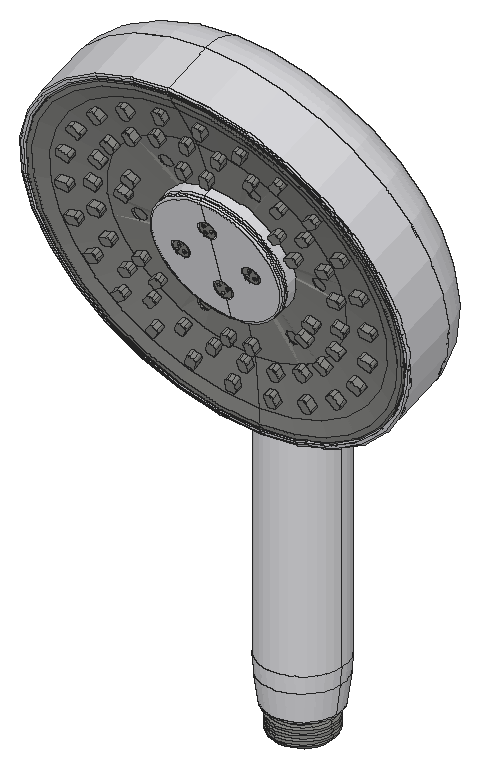
Revit family "Shower-Handshower-KOHLER-Statement_Round-K-R28694T_1", category Plumbing Fixtures, host Face, Revit 2021 (continued)
Definition of nested family "K-R28694T"
  Lines and regions (in)
    symbolic lines, detail levels medium+fine
      curve 634: spline (0.58565, 0, 7.47356) -> (0.60935, 0, 7.47059) -> (0.63143, 0, 7.4619) -> (0.6504, 0, 7.44806) -> (0.66495, 0, 7.43002) -> (0.6741, 0, 7.40902) -> (0.67722, 0, 7.38649) -> (0.6741, 0, 7.36395) -> (0.66495, 0, 7.34295) -> (0.6504, 0, 7.32492) -> (0.63143, 0, 7.31108) -> (0.60935, 0, 7.30238) -> (0.58565, 0, 7.29942)
      curve 635: spline (0.58565, 0, 7.29942) -> (0.56194, 0, 7.30238) -> (0.53986, 0, 7.31108) -> (0.52089, 0, 7.32492) -> (0.50634, 0, 7.34295) -> (0.49719, 0, 7.36395) -> (0.49407, 0, 7.38649) -> (0.49719, 0, 7.40902) -> (0.50634, 0, 7.43002) -> (0.52089, 0, 7.44806) -> (0.53986, 0, 7.4619) -> (0.56194, 0, 7.47059) -> (0.58565, 0, 7.47356)
      curve 636: line (1.70556, 0, 6.42266) -> (1.70556, 0, 6.38023)
      curve 637: line (1.53461, 0, 6.42266) -> (1.53461, 0, 6.38023)
      curve 638: arc (1.50967, 0, 5.24996) -> (1.5028, 0, 5.2243) -> (1.5168, 0, 5.20173) r 0.03344
      curve 639: arc (1.65384, 0, 5.14666) -> (1.62985, 0, 5.13303) -> (1.60312, 0, 5.13988) r 0.03684
      curve 640: arc (0.28497, 0, 8.30476) -> (0.44298, 0, 8.44141) -> (0.63748, 0, 8.51765) r 0.6184
      curve 641: arc (0.82149, 0, 8.16582) -> (0.79746, 0, 8.35689) -> (0.67682, 0, 8.50697) r 0.35333
      curve 642: arc (0.82149, 0, 8.16582) -> (1.02795, 0, 8.25217) -> (1.25145, 0, 8.26357) r 0.65165
      curve 643: arc (1.25145, 0, 8.26357) -> (1.30826, 0, 8.09026) -> (1.28872, 0, 7.90893) r 0.4333
      curve 644: arc (1.66949, 0, 7.54128) -> (1.69344, 0, 7.74542) -> (1.67435, 0, 7.95008) r 0.98144
      curve 645: arc (1.6477, 0, 7.97452) -> (1.46426, 0, 7.96334) -> (1.28872, 0, 7.90893) r 0.76834
      curve 646: arc (1.66949, 0, 7.54128) -> (1.882, 0, 7.54819) -> (2.07466, 0, 7.45827) r 0.4574
      curve 647: arc (1.93941, 0, 7.09286) -> (2.03777, 0, 7.25445) -> (2.08734, 0, 7.43702) r 0.67378
      curve 648: arc (2.08075, 0, 6.59316) -> (2.22695, 0, 6.7311) -> (2.30656, 0, 6.91566) r 0.49705
      curve 649: arc (1.93941, 0, 7.09286) -> (2.14239, 0, 7.04446) -> (2.30656, 0, 6.91566) r 0.48769
      curve 650: arc (2.39275, 0, 6.32484) -> (2.26046, 0, 6.48657) -> (2.08075, 0, 6.59316) r 0.60027
      curve 651: arc (2.08198, 0, 6.08223) -> (2.26948, 0, 6.16239) -> (2.39275, 0, 6.32484) r 0.39833
      curve 652: arc (2.08198, 0, 6.08223) -> (2.23792, 0, 5.92264) -> (2.29815, 0, 5.7078) r 0.45044
      curve 653: arc (1.94169, 0, 5.57758) -> (2.13054, 0, 5.61361) -> (2.29815, 0, 5.7078) r 0.59691
      curve 654: arc (1.66978, 0, 5.16677) -> (1.91009, 0, 5.1508) -> (2.1218, 0, 5.26563) r 0.43324
      curve 655: arc (1.94169, 0, 5.57758) -> (2.06316, 0, 5.43975) -> (2.1218, 0, 5.26563) r 0.46516
      curve 656: arc (1.66978, 0, 5.16677) -> (1.7592, 0, 4.99361) -> (1.77349, 0, 4.79925) r 0.48658
      curve 657: arc (1.28539, 0, 4.79925) -> (1.52944, 0, 4.73079) -> (1.77349, 0, 4.79925) r 0.46925
      curve 658: arc (1.28539, 0, 4.79925) -> (1.30981, 0, 4.6024) -> (1.28539, 0, 4.40555) r 0.80582
      curve 659: arc (0.81406, 0, 4.53884) -> (1.03185, 0, 4.40898) -> (1.28539, 0, 4.40555) r 0.48937
      curve 660: arc (0.81406, 0, 4.53884) -> (0.74922, 0, 4.32055) -> (0.62603, 0, 4.12904) r 0.80759
      curve 661: arc (0.2879, 0, 4.4033) -> (0.42685, 0, 4.23819) -> (0.61066, 0, 4.12513) r 0.67774
      curve 662: arc (1.90179, 0, 6.56946) -> (1.82405, 0, 6.46165) -> (1.70556, 0, 6.40145) r 0.28192
      curve 663: arc (1.90179, 0, 6.56946) -> (1.80078, 0, 6.72541) -> (1.64483, 0, 6.82642) r 0.44436
      curve 664: arc (1.64483, 0, 6.82642) -> (1.74176, 0, 6.90467) -> (1.77381, 0, 7.02504) r 0.20062
      curve 665: arc (1.46863, 0, 7.22738) -> (1.63735, 0, 7.15054) -> (1.77381, 0, 7.02504) r 0.58871
      curve 666: arc (1.46863, 0, 7.22738) -> (1.52829, 0, 7.32288) -> (1.52605, 0, 7.43546) r 0.19748
      curve 667: arc (1.52605, 0, 7.43546) -> (1.37646, 0, 7.51053) -> (1.21386, 0, 7.55019) r 0.74263
      curve 668: arc (1.21386, 0, 7.55019) -> (1.22655, 0, 7.66663) -> (1.1748, 0, 7.77171) r 0.2097
      curve 669: arc (1.1748, 0, 7.77171) -> (1.01219, 0, 7.81821) -> (0.84308, 0, 7.82065) r 0.64219
      curve 670: arc (0.74592, 0, 8.00715) -> (0.80746, 0, 7.92065) -> (0.84308, 0, 7.82065) r 0.38541
      curve 671: arc (0.43896, 0, 7.96887) -> (0.58951, 0, 8.01152) -> (0.74592, 0, 8.00715) r 0.51675
      curve 672: arc (0.43896, 0, 7.96887) -> (0.36251, 0, 8.06401) -> (0.26227, 0, 8.13365) r 0.42721
      curve 673: arc (0.00023, 0, 8.02683) -> (0.11918, 0, 8.10983) -> (0.26227, 0, 8.13365) r 0.32913
      curve 674: arc (1.90182, 0, 6.10531) -> (1.84221, 0, 6.2789) -> (1.70556, 0, 6.40145) r 0.36454
      curve 675: arc (1.89826, 0, 6.07778) -> (1.78438, 0, 5.99591) -> (1.64461, 0, 5.9843) r 0.26275
      curve 676: arc (1.64461, 0, 5.9843) -> (1.74846, 0, 5.83019) -> (1.7744, 0, 5.64618) r 0.41377
      curve 677: arc (1.7744, 0, 5.64618) -> (1.6315, 0, 5.58873) -> (1.47757, 0, 5.59395) r 0.37282
      curve 678: arc (1.47757, 0, 5.59395) -> (1.52854, 0, 5.43598) -> (1.52557, 0, 5.27001) r 0.50527
      curve 679: arc (1.52557, 0, 5.27001) -> (1.36875, 0, 5.23278) -> (1.20963, 0, 5.2585) r 0.41239
      curve 680: arc (1.1742, 0, 4.93446) -> (1.22849, 0, 5.09248) -> (1.20963, 0, 5.2585) r 0.37941
      curve 681: arc (1.1742, 0, 4.93446) -> (0.99933, 0, 4.9364) -> (0.83988, 0, 5.00821) r 0.42738
      curve 682: arc (0.74346, 0, 4.69681) -> (0.83177, 0, 4.8401) -> (0.83988, 0, 5.00821) r 0.33745
      curve 683: arc (0.74346, 0, 4.69681) -> (0.55384, 0, 4.71811) -> (0.43925, 0, 4.87069) r 0.24079
      curve 684: arc (0.26272, 0, 4.57326) -> (0.41145, 0, 4.68609) -> (0.43925, 0, 4.87069) r 0.24783
      curve 685: arc (0.26272, 0, 4.57326) -> (0.10404, 0, 4.64925) -> (0.0112, 0, 4.79869) r 0.3138
      curve 686: arc (1.53461, 0, 6.40145) -> (1.37546, 0, 6.53032) -> (1.1722, 0, 6.55528) r 0.37145
      curve 687: arc (1.53461, 0, 6.40145) -> (1.37783, 0, 6.26961) -> (1.17494, 0, 6.24131) r 0.37022
      curve 688: arc (1.1722, 0, 6.55528) -> (1.03235, 0, 6.49877) -> (0.93142, 0, 6.38668) r 0.33529
      curve 689: arc (1.17494, 0, 6.24131) -> (1.03858, 0, 6.28954) -> (0.93142, 0, 6.38668) r 0.36727
      curve 690: arc (1.48239, 0, 6.77481) -> (1.37641, 0, 6.64381) -> (1.23032, 0, 6.55985) r 0.4593
      curve 691: arc (1.1722, 0, 6.55528) -> (1.02286, 0, 6.55397) -> (0.87966, 0, 6.59639) r 0.50516
      curve 692: arc (1.48239, 0, 6.77481) -> (1.32798, 0, 6.84535) -> (1.1595, 0, 6.82445) r 0.3115
      curve 693: arc (1.00641, 0, 6.76895) -> (0.92939, 0, 6.69269) -> (0.87966, 0, 6.59639) r 0.34706
      curve 694: arc (1.32059, 0, 7.14611) -> (1.28455, 0, 6.96348) -> (1.15874, 0, 6.82628) r 0.34439
      curve 695: arc (1.32059, 0, 7.14611) -> (1.15848, 0, 7.15509) -> (1.0037, 0, 7.1061) r 0.45102
      curve 696: arc (1.00579, 0, 6.77045) -> (0.90079, 0, 6.74809) -> (0.79844, 0, 6.78047) r 0.21032
      curve 697: arc (0.87337, 0, 7.00869) -> (0.8116, 0, 6.90256) -> (0.79844, 0, 6.78047) r 0.29468
      curve 698: arc (0.99873, 0, 7.11256) -> (1.06194, 0, 7.26347) -> (1.10876, 0, 7.42025) r 1.5374
      curve 699: arc (1.10876, 0, 7.42025) -> (0.92236, 0, 7.38943) -> (0.75038, 0, 7.31119) r 0.7201
      curve 700: arc (0.86416, 0, 7.02065) -> (0.74318, 0, 6.99274) -> (0.61946, 0, 6.98237) r 0.86875
      curve 701: arc (0.47342, 0, 7.48691) -> (0.41852, 0, 7.3077) -> (0.43457, 0, 7.12096) r 0.49237
      curve 702: arc (0.75038, 0, 7.31119) -> (0.79218, 0, 7.49752) -> (0.75038, 0, 7.68384) r 0.43621
      curve 703: arc (0.75038, 0, 7.68384) -> (0.58864, 0, 7.61809) -> (0.47342, 0, 7.48691) r 0.37975
      curve 704: arc (0.46093, 0, 7.46172) -> (0.46096, 0, 7.64306) -> (0.39472, 0, 7.81187) r 0.48759
      curve 705: arc (0.42264, 0, 7.33773) -> (0.3333, 0, 7.25005) -> (0.22035, 0, 7.19608) r 0.38079
      curve 706: arc (0.22035, 0, 7.19608) -> (0.14457, 0, 7.2938) -> (0.14159, 0, 7.41742) r 0.19789
      curve 707: arc (0.16938, 0, 7.57784) -> (0.258, 0, 7.71801) -> (0.39472, 0, 7.81187) r 0.41191
      curve 708: arc (0.13959, 0, 7.41768) -> (0.07828, 0, 7.31562) -> (0, 0, 7.2259) r 0.67574
      curve 709: arc (1.48526, 0, 6.04686) -> (1.38541, 0, 6.18167) -> (1.22725, 0, 6.2376) r 0.28691
      curve 710: arc (1.48526, 0, 6.04686) -> (1.33305, 0, 5.96181) -> (1.15892, 0, 5.97069) r 0.3152
      curve 711: arc (1.22725, 0, 6.2376) -> (1.06579, 0, 6.22557) -> (0.91159, 0, 6.17624) r 0.68994
      curve 712: arc (1.00514, 0, 6.02453) -> (0.93547, 0, 6.08627) -> (0.91159, 0, 6.17624) r 0.16109
      curve 713: arc (1.32952, 0, 5.67522) -> (1.2631, 0, 5.83106) -> (1.1552, 0, 5.96165) r 0.59105
      curve 714: arc (1.32952, 0, 5.67522) -> (1.16457, 0, 5.64786) -> (1.00246, 0, 5.68883) r 0.40884
      curve 715: arc (1.08875, 0, 5.37343) -> (1.06957, 0, 5.53532) -> (0.99645, 0, 5.68104) r 0.47204
      curve 716: arc (1.08875, 0, 5.37343) -> (0.8923, 0, 5.41793) -> (0.73194, 0, 5.53982) r 0.47516
      curve 717: arc (0.85783, 0, 5.76768) -> (0.77948, 0, 5.77462) -> (0.70193, 0, 5.76151) r 0.30835
      curve 718: arc (0.73194, 0, 5.53982) -> (0.68429, 0, 5.64624) -> (0.70193, 0, 5.76151) r 0.2064
      curve 719: arc (0.74929, 0, 5.14605) -> (0.81069, 0, 5.33333) -> (0.74929, 0, 5.5206) r 0.31629
      curve 720: arc (0.74929, 0, 5.14605) -> (0.55963, 0, 5.20512) -> (0.39248, 0, 5.31244) r 0.74111
      curve 721: arc (0.69755, 0, 5.59638) -> (0.56719, 0, 5.61661) -> (0.43956, 0, 5.58322) r 0.32411
      curve 722: arc (0.39248, 0, 5.31244) -> (0.3974, 0, 5.45106) -> (0.43956, 0, 5.58322) r 0.50917
      curve 723: arc (0.38927, 0, 5.02613) -> (0.41688, 0, 5.17113) -> (0.38927, 0, 5.31613) r 0.39455
      curve 724: arc (0.38927, 0, 5.31613) -> (0.2953, 0, 5.43246) -> (0.15178, 0, 5.47449) r 0.25044
      curve 725: arc (-1.00129, 0, 6.01517) -> (-0.915, 0, 5.9967) -> (-0.83193, 0, 5.96691) r 0.66138
      curve 726: arc (-0.87162, 0, 5.78559) -> (-0.84545, 0, 5.87486) -> (-0.83193, 0, 5.96691) r 0.66774
      curve 727: arc (0.86726, 0, 5.77993) -> (0.82805, 0, 5.85927) -> (0.81371, 0, 5.94661) r 0.29997
      curve 728: arc (1.001, 0, 6.01448) -> (0.90445, 0, 5.98855) -> (0.81371, 0, 5.94661) r 0.58673
      curve 729: arc (-0.38927, 0, 5.02613) -> (-0.29021, 0, 5.03446) -> (-0.19988, 0, 5.07598) r 0.28801
      curve 730: arc (-0.12165, 0, 5.22876) -> (-0.09326, 0, 5.34827) -> (-0.10923, 0, 5.47005) r 0.3397
      curve 731: arc (-0.00524, 0, 4.96113) -> (-0.08305, 0, 5.00801) -> (-0.15066, 0, 5.06868) r 0.48121
      curve 732: arc (-0.00524, 0, 4.96113) -> (0.0719, 0, 5.00672) -> (0.13717, 0, 5.06811) r 0.4065
      curve 733: arc (0.38927, 0, 5.02613) -> (0.29052, 0, 5.04287) -> (0.19557, 0, 5.07474) r 0.64332
      curve 734: arc (0.14189, 0, 5.23153) -> (0.1218, 0, 5.35403) -> (0.15178, 0, 5.47449) r 0.30748
      curve 735: arc (-0.09427, 0, 5.33422) -> (-0.06116, 0, 5.41342) -> (0.00248, 0, 5.47103) r 0.19714
      curve 736: arc (0.12198, 0, 5.32515) -> (0.08829, 0, 5.41944) -> (0.00248, 0, 5.47103) r 0.14879
      curve 737: arc (-0.2879, 0, 4.4033) -> (-0.18122, 0, 4.19619) -> (0, 0, 4.0498) r 0.56456
      curve 738: arc (0, 0, 4.0498) -> (0.19238, 0, 4.18711) -> (0.2879, 0, 4.4033) r 0.44724
      curve 739: arc (-0.28497, 0, 8.30476) -> (-0.16764, 0, 8.48287) -> (0.01047, 0, 8.6002) r 0.52923
      curve 740: arc (0.28497, 0, 8.30476) -> (0.17465, 0, 8.4775) -> (0.01047, 0, 8.6002) r 0.57142
      curve 741: spline (0.7858, 0.27478, 0) -> (0.74749, 0.21512, 0) -> (0.66274, 0.16025, 0) -> (0.53682, 0.11357, 0) -> (0.37755, 0.07799, 0) -> (0.19483, 0.05572, 0) -> (0, 0.04814, 0) -> (-0.19483, 0.05572, 0) -> (-0.37755, 0.07799, 0) -> (-0.53682, 0.11357, 0) -> (-0.66274, 0.16025, 0) -> (-0.74749, 0.21512, 0) -> (-0.7858, 0.27478, 0)
      curve 742: spline (0.7858, 0.50387, 0) -> (0.74086, 0.44379, 0) -> (0.64873, 0.38912, 0) -> (0.51531, 0.34335, 0) -> (0.34911, 0.3094, 0) -> (0.16074, 0.28944, 0) -> (-0.03777, 0.28474, 0) -> (-0.23373, 0.29562, 0) -> (-0.41464, 0.32136, 0) -> (-0.56895, 0.36033, 0) -> (-0.68679, 0.41004, 0) -> (-0.76065, 0.46731, 0) -> (-0.7858, 0.52849, 0)
      curve 743: spline (-0.56553, 0.41755, 0) -> (-0.49925, 0.389, 0) -> (-0.41819, 0.36438, 0) -> (-0.32472, 0.34441, 0) -> (-0.2216, 0.3297, 0) -> (-0.11188, 0.32066, 0) -> (0.00121, 0.31758, 0) -> (0.11434, 0.32053, 0) -> (0.22417, 0.32943, 0) -> (0.32746, 0.34403, 0) -> (0.42118, 0.36388, 0) -> (0.50255, 0.3884, 0) -> (0.56918, 0.41688, 0)
      curve 744: spline (0.69685, 0.49678, 0) -> (0.65424, 0.44419, 0) -> (0.57049, 0.39654, 0) -> (0.4509, 0.35683, 0) -> (0.30301, 0.32757, 0) -> (0.13616, 0.31061, 0) -> (-0.03913, 0.30701, 0) -> (-0.2118, 0.31701, 0) -> (-0.37094, 0.33997, 0) -> (-0.50652, 0.37444, 0) -> (-0.60998, 0.41825, 0) -> (-0.67479, 0.46863, 0) -> (-0.69685, 0.52241, 0)
      curve 745: line (-0.26914, 0.47227, 0) -> (-0.56553, 0.41755, 0)
      curve 746: spline (0.27279, 0.4716, 0) -> (0.24081, 0.45805, 0) -> (0.20184, 0.44638, 0) -> (0.15702, 0.43696, 0) -> (0.10766, 0.43004, 0) -> (0.05521, 0.42583, 0) -> (0.00121, 0.42446, 0) -> (-0.05275, 0.42597, 0) -> (-0.10509, 0.4303, 0) -> (-0.15427, 0.43734, 0) -> (-0.19885, 0.44688, 0) -> (-0.23752, 0.45864, 0) -> (-0.26914, 0.47227, 0)
      curve 747: line (0.27279, 0.4716, 0) -> (0.56918, 0.41688, 0)
      curve 748: line (-0.09038, 0, 7.46206) -> (-0.10321, 0, 7.54888)
      curve 749: spline (-0.10321, 0, 7.54888) -> (-0.10426, 0, 7.55368) -> (-0.10596, 0, 7.5583) -> (-0.10828, 0, 7.56267) -> (-0.11117, 0, 7.56672) -> (-0.1146, 0, 7.57037) -> (-0.11851, 0, 7.57357) -> (-0.12281, 0, 7.57625) -> (-0.12745, 0, 7.57838) -> (-0.13234, 0, 7.57991) -> (-0.1374, 0, 7.58083) -> (-0.14254, 0, 7.5811) -> (-0.14768, 0, 7.58074)
      curve 750: line (-0.14768, 0, 7.58074) -> (-0.19187, 0, 7.57484)
      curve 751: spline (-0.19187, 0, 7.57484) -> (-0.19691, 0, 7.57384) -> (-0.20177, 0, 7.57222) -> (-0.20637, 0, 7.57002) -> (-0.21063, 0, 7.56727) -> (-0.21447, 0, 7.564) -> (-0.21783, 0, 7.5603) -> (-0.22066, 0, 7.5562) -> (-0.22289, 0, 7.55179) -> (-0.22451, 0, 7.54714) -> (-0.22547, 0, 7.54233) -> (-0.22576, 0, 7.53744) -> (-0.22538, 0, 7.53256)
      curve 752: line (-0.22538, 0, 7.53256) -> (-0.21254, 0, 7.44574)
      curve 753: spline (-0.21254, 0, 7.44574) -> (-0.21149, 0, 7.44094) -> (-0.2098, 0, 7.43632) -> (-0.20748, 0, 7.43195) -> (-0.20458, 0, 7.4279) -> (-0.20115, 0, 7.42425) -> (-0.19725, 0, 7.42105) -> (-0.19294, 0, 7.41837) -> (-0.1883, 0, 7.41624) -> (-0.18341, 0, 7.41471) -> (-0.17835, 0, 7.41379) -> (-0.17321, 0, 7.41352) -> (-0.16808, 0, 7.41388)
      curve 754: line (-0.16808, 0, 7.41388) -> (-0.12389, 0, 7.41978)
      curve 755: spline (-0.12389, 0, 7.41978) -> (-0.11884, 0, 7.42078) -> (-0.11398, 0, 7.42239) -> (-0.10938, 0, 7.4246) -> (-0.10513, 0, 7.42735) -> (-0.10129, 0, 7.43062) -> (-0.09792, 0, 7.43432) -> (-0.0951, 0, 7.43842) -> (-0.09286, 0, 7.44283) -> (-0.09125, 0, 7.44748) -> (-0.09029, 0, 7.45229) -> (-0.09, 0, 7.45718) -> (-0.09038, 0, 7.46206)
      curve 756: arc (-0.61946, 0, 6.98237) -> (-0.65951, 0, 7.15696) -> (-0.75112, 0, 7.31089) r 0.5778
      curve 757: arc (-0.43457, 0, 7.12096) -> (-0.6149, 0, 7.17884) -> (-0.75038, 0, 7.31119) r 0.41262
      curve 758: arc (0.61946, 0, 6.98237) -> (0.65989, 0, 7.1579) -> (0.75241, 0, 7.31245) r 0.5778
      curve 759: arc (0.43457, 0, 7.12096) -> (0.6149, 0, 7.17884) -> (0.75038, 0, 7.31119) r 0.41262
      curve 760: line (0.09038, 0, 7.46206) -> (0.10321, 0, 7.54888)
      curve 761: spline (0.10321, 0, 7.54888) -> (0.10426, 0, 7.55368) -> (0.10596, 0, 7.5583) -> (0.10828, 0, 7.56267) -> (0.11117, 0, 7.56672) -> (0.1146, 0, 7.57037) -> (0.11851, 0, 7.57357) -> (0.12281, 0, 7.57625) -> (0.12745, 0, 7.57838) -> (0.13234, 0, 7.57991) -> (0.1374, 0, 7.58083) -> (0.14254, 0, 7.5811) -> (0.14768, 0, 7.58074)
      curve 762: line (0.14768, 0, 7.58074) -> (0.19187, 0, 7.57484)
      curve 763: spline (0.19187, 0, 7.57484) -> (0.19691, 0, 7.57384) -> (0.20177, 0, 7.57222) -> (0.20637, 0, 7.57002) -> (0.21063, 0, 7.56727) -> (0.21447, 0, 7.564) -> (0.21783, 0, 7.5603) -> (0.22066, 0, 7.5562) -> (0.22289, 0, 7.55179) -> (0.22451, 0, 7.54714) -> (0.22547, 0, 7.54233) -> (0.22576, 0, 7.53744) -> (0.22538, 0, 7.53256)
      curve 764: line (0.22538, 0, 7.53256) -> (0.21254, 0, 7.44574)
      curve 765: spline (0.21254, 0, 7.44574) -> (0.21149, 0, 7.44094) -> (0.2098, 0, 7.43632) -> (0.20748, 0, 7.43195) -> (0.20458, 0, 7.4279) -> (0.20115, 0, 7.42425) -> (0.19725, 0, 7.42105) -> (0.19294, 0, 7.41837) -> (0.1883, 0, 7.41624) -> (0.18341, 0, 7.41471) -> (0.17835, 0, 7.41379) -> (0.17321, 0, 7.41352) -> (0.16808, 0, 7.41388)
      curve 766: line (0.16808, 0, 7.41388) -> (0.12389, 0, 7.41978)
      curve 767: spline (0.12389, 0, 7.41978) -> (0.11884, 0, 7.42078) -> (0.11398, 0, 7.42239) -> (0.10938, 0, 7.4246) -> (0.10513, 0, 7.42735) -> (0.10129, 0, 7.43062) -> (0.09792, 0, 7.43432) -> (0.0951, 0, 7.43842) -> (0.09286, 0, 7.44283) -> (0.09125, 0, 7.44748) -> (0.09029, 0, 7.45229) -> (0.09, 0, 7.45718) -> (0.09038, 0, 7.46206)
      curve 768: line (0.93967, 0, 6.98402) -> (1.00845, 0, 7.03855)
      curve 769: spline (1.00845, 0, 7.03855) -> (1.01207, 0, 7.04185) -> (1.01523, 0, 7.04563) -> (1.01786, 0, 7.04983) -> (1.01991, 0, 7.05436) -> (1.02136, 0, 7.05916) -> (1.02218, 0, 7.06413) -> (1.02235, 0, 7.06921) -> (1.02187, 0, 7.07429) -> (1.02076, 0, 7.07929) -> (1.01902, 0, 7.08413) -> (1.01669, 0, 7.08872) -> (1.0138, 0, 7.09299)
      curve 770: line (1.0138, 0, 7.09299) -> (0.9866, 0, 7.1283)
      curve 771: spline (0.9866, 0, 7.1283) -> (0.98321, 0, 7.13217) -> (0.97938, 0, 7.13557) -> (0.97517, 0, 7.13846) -> (0.97066, 0, 7.14076) -> (0.96591, 0, 7.14246) -> (0.96102, 0, 7.14352) -> (0.95606, 0, 7.14392) -> (0.95112, 0, 7.14365) -> (0.94629, 0, 7.14272) -> (0.94164, 0, 7.14115) -> (0.93727, 0, 7.13895) -> (0.93323, 0, 7.13618)
      curve 772: line (0.93323, 0, 7.13618) -> (0.86446, 0, 7.08166)
      curve 773: spline (0.86446, 0, 7.08166) -> (0.86083, 0, 7.07835) -> (0.85767, 0, 7.07457) -> (0.85505, 0, 7.07038) -> (0.85299, 0, 7.06584) -> (0.85154, 0, 7.06105) -> (0.85072, 0, 7.05607) -> (0.85055, 0, 7.051) -> (0.85103, 0, 7.04592) -> (0.85215, 0, 7.04092) -> (0.85389, 0, 7.03608) -> (0.85622, 0, 7.03149) -> (0.8591, 0, 7.02722)
      curve 774: line (0.8591, 0, 7.02722) -> (0.88631, 0, 6.9919)
      curve 775: spline (0.88631, 0, 6.9919) -> (0.88969, 0, 6.98804) -> (0.89352, 0, 6.98463) -> (0.89773, 0, 6.98175) -> (0.90224, 0, 6.97944) -> (0.90699, 0, 6.97775) -> (0.91188, 0, 6.97669) -> (0.91684, 0, 6.97629) -> (0.92178, 0, 6.97656) -> (0.92661, 0, 6.97749) -> (0.93126, 0, 6.97906) -> (0.93564, 0, 6.98125) -> (0.93967, 0, 6.98402)
      curve 776: line (1.01775, 0, 6.83979) -> (1.09936, 0, 6.87208)
      curve 777: spline (1.09936, 0, 6.87208) -> (1.10403, 0, 6.87357) -> (1.10888, 0, 6.87441) -> (1.11383, 0, 6.87459) -> (1.11878, 0, 6.8741) -> (1.12366, 0, 6.87296) -> (1.12838, 0, 6.87118) -> (1.13286, 0, 6.86879) -> (1.13702, 0, 6.86584) -> (1.14079, 0, 6.86237) -> (1.14411, 0, 6.85845) -> (1.14693, 0, 6.85413) -> (1.14918, 0, 6.8495)
      curve 778: line (1.14918, 0, 6.8495) -> (1.16616, 0, 6.80828)
      curve 779: spline (1.16616, 0, 6.80828) -> (1.16782, 0, 6.80342) -> (1.16885, 0, 6.7984) -> (1.16924, 0, 6.79331) -> (1.16898, 0, 6.78825) -> (1.16808, 0, 6.78329) -> (1.16655, 0, 6.77853) -> (1.16441, 0, 6.77403) -> (1.16171, 0, 6.76989) -> (1.15849, 0, 6.76617) -> (1.15481, 0, 6.76293) -> (1.15072, 0, 6.76023) -> (1.1463, 0, 6.75812)
      curve 780: line (1.1463, 0, 6.75812) -> (1.0647, 0, 6.72583)
      curve 781: spline (1.0647, 0, 6.72583) -> (1.06002, 0, 6.72434) -> (1.05517, 0, 6.7235) -> (1.05022, 0, 6.72332) -> (1.04527, 0, 6.7238) -> (1.04039, 0, 6.72495) -> (1.03567, 0, 6.72673) -> (1.03119, 0, 6.72912) -> (1.02703, 0, 6.73207) -> (1.02326, 0, 6.73554) -> (1.01994, 0, 6.73946) -> (1.01712, 0, 6.74378) -> (1.01487, 0, 6.74841)
      curve 782: line (1.01487, 0, 6.74841) -> (0.99789, 0, 6.78963)
      curve 783: spline (0.99789, 0, 6.78963) -> (0.99623, 0, 6.79449) -> (0.9952, 0, 6.79951) -> (0.99481, 0, 6.8046) -> (0.99507, 0, 6.80966) -> (0.99597, 0, 6.81462) -> (0.9975, 0, 6.81938) -> (0.99964, 0, 6.82388) -> (1.00234, 0, 6.82802) -> (1.00556, 0, 6.83174) -> (1.00924, 0, 6.83498) -> (1.01333, 0, 6.83768) -> (1.01775, 0, 6.83979)
      curve 784: line (0.93967, 0, 5.81252) -> (1.00845, 0, 5.758)
      curve 785: spline (1.00845, 0, 5.758) -> (1.01207, 0, 5.7547) -> (1.01523, 0, 5.75091) -> (1.01786, 0, 5.74672) -> (1.01991, 0, 5.74219) -> (1.02136, 0, 5.73739) -> (1.02218, 0, 5.73241) -> (1.02235, 0, 5.72734) -> (1.02187, 0, 5.72226) -> (1.02076, 0, 5.71726) -> (1.01902, 0, 5.71242) -> (1.01669, 0, 5.70783) -> (1.0138, 0, 5.70356)
      curve 786: line (1.0138, 0, 5.70356) -> (0.9866, 0, 5.66824)
      curve 787: spline (0.9866, 0, 5.66824) -> (0.98321, 0, 5.66438) -> (0.97938, 0, 5.66097) -> (0.97517, 0, 5.65809) -> (0.97066, 0, 5.65578) -> (0.96591, 0, 5.65409) -> (0.96102, 0, 5.65303) -> (0.95606, 0, 5.65263) -> (0.95112, 0, 5.6529) -> (0.94629, 0, 5.65383) -> (0.94164, 0, 5.6554) -> (0.93727, 0, 5.65759) -> (0.93323, 0, 5.66037)
      curve 788: line (0.93323, 0, 5.66037) -> (0.86446, 0, 5.71489)
      curve 789: spline (0.86446, 0, 5.71489) -> (0.86083, 0, 5.71819) -> (0.85767, 0, 5.72198) -> (0.85505, 0, 5.72617) -> (0.85299, 0, 5.7307) -> (0.85154, 0, 5.7355) -> (0.85072, 0, 5.74048) -> (0.85055, 0, 5.74555) -> (0.85103, 0, 5.75063) -> (0.85215, 0, 5.75563) -> (0.85389, 0, 5.76047) -> (0.85622, 0, 5.76506) -> (0.8591, 0, 5.76933)
      curve 790: line (0.8591, 0, 5.76933) -> (0.88631, 0, 5.80464)
      curve 791: spline (0.88631, 0, 5.80464) -> (0.88969, 0, 5.80851) -> (0.89352, 0, 5.81192) -> (0.89773, 0, 5.8148) -> (0.90224, 0, 5.81711) -> (0.90699, 0, 5.8188) -> (0.91188, 0, 5.81986) -> (0.91684, 0, 5.82026) -> (0.92178, 0, 5.81999) -> (0.92661, 0, 5.81906) -> (0.93126, 0, 5.81749) -> (0.93564, 0, 5.8153) -> (0.93967, 0, 5.81252)
      curve 792: line (1.01775, 0, 5.95676) -> (1.09936, 0, 5.92447)
      curve 793: spline (1.09936, 0, 5.92447) -> (1.10403, 0, 5.92298) -> (1.10888, 0, 5.92214) -> (1.11383, 0, 5.92196) -> (1.11878, 0, 5.92244) -> (1.12366, 0, 5.92359) -> (1.12838, 0, 5.92537) -> (1.13286, 0, 5.92775) -> (1.13702, 0, 5.93071) -> (1.14079, 0, 5.93418) -> (1.14411, 0, 5.9381) -> (1.14693, 0, 5.94242) -> (1.14918, 0, 5.94704)
      curve 794: line (1.14918, 0, 5.94704) -> (1.16616, 0, 5.98827)
      curve 795: spline (1.16616, 0, 5.98827) -> (1.16782, 0, 5.99313) -> (1.16885, 0, 5.99815) -> (1.16924, 0, 6.00323) -> (1.16898, 0, 6.0083) -> (1.16808, 0, 6.01326) -> (1.16655, 0, 6.01802) -> (1.16441, 0, 6.02251) -> (1.16171, 0, 6.02666) -> (1.15849, 0, 6.03038) -> (1.15481, 0, 6.03362) -> (1.15072, 0, 6.03631) -> (1.1463, 0, 6.03842)
      curve 796: line (1.1463, 0, 6.03842) -> (1.0647, 0, 6.07072)
      curve 797: spline (1.0647, 0, 6.07072) -> (1.06002, 0, 6.07221) -> (1.05517, 0, 6.07305) -> (1.05022, 0, 6.07323) -> (1.04527, 0, 6.07274) -> (1.04039, 0, 6.0716) -> (1.03567, 0, 6.06982) -> (1.03119, 0, 6.06743) -> (1.02703, 0, 6.06448) -> (1.02326, 0, 6.06101) -> (1.01994, 0, 6.05708) -> (1.01712, 0, 6.05277) -> (1.01487, 0, 6.04814)
      curve 798: line (1.01487, 0, 6.04814) -> (0.99789, 0, 6.00692)
      curve 799: spline (0.99789, 0, 6.00692) -> (0.99623, 0, 6.00205) -> (0.9952, 0, 5.99704) -> (0.99481, 0, 5.99195) -> (0.99507, 0, 5.98689) -> (0.99597, 0, 5.98193) -> (0.9975, 0, 5.97716) -> (0.99964, 0, 5.97267) -> (1.00234, 0, 5.96853) -> (1.00556, 0, 5.96481) -> (1.00924, 0, 5.96157) -> (1.01333, 0, 5.95887) -> (1.01775, 0, 5.95676)
      curve 800: line (-0.09038, 0, 5.18685) -> (-0.10321, 0, 5.10003)
      curve 801: spline (-0.10321, 0, 5.10003) -> (-0.10426, 0, 5.09523) -> (-0.10596, 0, 5.09061) -> (-0.10828, 0, 5.08624) -> (-0.11117, 0, 5.08219) -> (-0.1146, 0, 5.07854) -> (-0.11851, 0, 5.07534) -> (-0.12281, 0, 5.07266) -> (-0.12745, 0, 5.07053) -> (-0.13234, 0, 5.069) -> (-0.1374, 0, 5.06808) -> (-0.14254, 0, 5.06781) -> (-0.14768, 0, 5.06817)
      curve 802: line (-0.14768, 0, 5.06817) -> (-0.19187, 0, 5.07407)
      curve 803: spline (-0.19187, 0, 5.07407) -> (-0.19691, 0, 5.07507) -> (-0.20177, 0, 5.07669) -> (-0.20637, 0, 5.07889) -> (-0.21063, 0, 5.08164) -> (-0.21447, 0, 5.08491) -> (-0.21783, 0, 5.08861) -> (-0.22066, 0, 5.09271) -> (-0.22289, 0, 5.09712) -> (-0.22451, 0, 5.10177) -> (-0.22547, 0, 5.10658) -> (-0.22576, 0, 5.11147) -> (-0.22538, 0, 5.11635)
      curve 804: line (-0.22538, 0, 5.11635) -> (-0.21254, 0, 5.20317)
      curve 805: spline (-0.21254, 0, 5.20317) -> (-0.21149, 0, 5.20797) -> (-0.2098, 0, 5.21259) -> (-0.20748, 0, 5.21696) -> (-0.20458, 0, 5.22101) -> (-0.20115, 0, 5.22466) -> (-0.19725, 0, 5.22786) -> (-0.19294, 0, 5.23054) -> (-0.1883, 0, 5.23267) -> (-0.18341, 0, 5.2342) -> (-0.17835, 0, 5.23512) -> (-0.17321, 0, 5.23539) -> (-0.16808, 0, 5.23503)
      curve 806: line (-0.16808, 0, 5.23503) -> (-0.12389, 0, 5.22913)
      curve 807: spline (-0.12389, 0, 5.22913) -> (-0.11884, 0, 5.22813) -> (-0.11398, 0, 5.22652) -> (-0.10938, 0, 5.22431) -> (-0.10513, 0, 5.22156) -> (-0.10129, 0, 5.2183) -> (-0.09792, 0, 5.21459) -> (-0.0951, 0, 5.21049) -> (-0.09286, 0, 5.20608) -> (-0.09125, 0, 5.20143) -> (-0.09029, 0, 5.19662) -> (-0.09, 0, 5.19173) -> (-0.09038, 0, 5.18685)
      curve 808: line (0.09038, 0, 5.18685) -> (0.10321, 0, 5.10003)
      curve 809: spline (0.10321, 0, 5.10003) -> (0.10426, 0, 5.09523) -> (0.10596, 0, 5.09061) -> (0.10828, 0, 5.08624) -> (0.11117, 0, 5.08219) -> (0.1146, 0, 5.07854) -> (0.11851, 0, 5.07534) -> (0.12281, 0, 5.07266) -> (0.12745, 0, 5.07053) -> (0.13234, 0, 5.069) -> (0.1374, 0, 5.06808) -> (0.14254, 0, 5.06781) -> (0.14768, 0, 5.06817)
      curve 810: line (0.14768, 0, 5.06817) -> (0.19187, 0, 5.07407)
      curve 811: spline (0.19187, 0, 5.07407) -> (0.19691, 0, 5.07507) -> (0.20177, 0, 5.07669) -> (0.20637, 0, 5.07889) -> (0.21063, 0, 5.08164) -> (0.21447, 0, 5.08491) -> (0.21783, 0, 5.08861) -> (0.22066, 0, 5.09271) -> (0.22289, 0, 5.09712) -> (0.22451, 0, 5.10177) -> (0.22547, 0, 5.10658) -> (0.22576, 0, 5.11147) -> (0.22538, 0, 5.11635)
      curve 812: line (0.22538, 0, 5.11635) -> (0.21254, 0, 5.20317)
      curve 813: spline (0.21254, 0, 5.20317) -> (0.21149, 0, 5.20797) -> (0.2098, 0, 5.21259) -> (0.20748, 0, 5.21696) -> (0.20458, 0, 5.22101) -> (0.20115, 0, 5.22466) -> (0.19725, 0, 5.22786) -> (0.19294, 0, 5.23054) -> (0.1883, 0, 5.23267) -> (0.18341, 0, 5.2342) -> (0.17835, 0, 5.23512) -> (0.17321, 0, 5.23539) -> (0.16808, 0, 5.23503)
      curve 814: line (0.16808, 0, 5.23503) -> (0.12389, 0, 5.22913)
      curve 815: spline (0.12389, 0, 5.22913) -> (0.11884, 0, 5.22813) -> (0.11398, 0, 5.22652) -> (0.10938, 0, 5.22431) -> (0.10513, 0, 5.22156) -> (0.10129, 0, 5.2183) -> (0.09792, 0, 5.21459) -> (0.0951, 0, 5.21049) -> (0.09286, 0, 5.20608) -> (0.09125, 0, 5.20143) -> (0.09029, 0, 5.19662) -> (0.09, 0, 5.19173) -> (0.09038, 0, 5.18685)
      curve 816: line (-0.93967, 0, 5.81252) -> (-1.00845, 0, 5.758)
      curve 817: spline (-1.00845, 0, 5.758) -> (-1.01207, 0, 5.7547) -> (-1.01523, 0, 5.75091) -> (-1.01786, 0, 5.74672) -> (-1.01991, 0, 5.74219) -> (-1.02136, 0, 5.73739) -> (-1.02218, 0, 5.73241) -> (-1.02235, 0, 5.72734) -> (-1.02187, 0, 5.72226) -> (-1.02076, 0, 5.71726) -> (-1.01902, 0, 5.71242) -> (-1.01669, 0, 5.70783) -> (-1.0138, 0, 5.70356)
      curve 818: line (-1.0138, 0, 5.70356) -> (-0.9866, 0, 5.66824)
      curve 819: spline (-0.9866, 0, 5.66824) -> (-0.98321, 0, 5.66438) -> (-0.97938, 0, 5.66097) -> (-0.97517, 0, 5.65809) -> (-0.97066, 0, 5.65578) -> (-0.96591, 0, 5.65409) -> (-0.96102, 0, 5.65303) -> (-0.95606, 0, 5.65263) -> (-0.95112, 0, 5.6529) -> (-0.94629, 0, 5.65383) -> (-0.94164, 0, 5.6554) -> (-0.93727, 0, 5.65759) -> (-0.93323, 0, 5.66037)
      curve 820: line (-0.93323, 0, 5.66037) -> (-0.86446, 0, 5.71489)
      curve 821: spline (-0.86446, 0, 5.71489) -> (-0.86083, 0, 5.71819) -> (-0.85767, 0, 5.72198) -> (-0.85505, 0, 5.72617) -> (-0.85299, 0, 5.7307) -> (-0.85154, 0, 5.7355) -> (-0.85072, 0, 5.74048) -> (-0.85055, 0, 5.74555) -> (-0.85103, 0, 5.75063) -> (-0.85215, 0, 5.75563) -> (-0.85389, 0, 5.76047) -> (-0.85622, 0, 5.76506) -> (-0.8591, 0, 5.76933)
      curve 822: line (-0.8591, 0, 5.76933) -> (-0.88631, 0, 5.80464)
      curve 823: spline (-0.88631, 0, 5.80464) -> (-0.88969, 0, 5.80851) -> (-0.89352, 0, 5.81192) -> (-0.89773, 0, 5.8148) -> (-0.90224, 0, 5.81711) -> (-0.90699, 0, 5.8188) -> (-0.91188, 0, 5.81986) -> (-0.91684, 0, 5.82026) -> (-0.92178, 0, 5.81999) -> (-0.92661, 0, 5.81906) -> (-0.93126, 0, 5.81749) -> (-0.93564, 0, 5.8153) -> (-0.93967, 0, 5.81252)
      curve 824: line (-1.01775, 0, 5.95676) -> (-1.09936, 0, 5.92447)
      curve 825: spline (-1.09936, 0, 5.92447) -> (-1.10403, 0, 5.92298) -> (-1.10888, 0, 5.92214) -> (-1.11383, 0, 5.92196) -> (-1.11878, 0, 5.92244) -> (-1.12366, 0, 5.92359) -> (-1.12838, 0, 5.92537) -> (-1.13286, 0, 5.92775) -> (-1.13702, 0, 5.93071) -> (-1.14079, 0, 5.93418) -> (-1.14411, 0, 5.9381) -> (-1.14693, 0, 5.94242) -> (-1.14918, 0, 5.94704)
      curve 826: line (-1.14918, 0, 5.94704) -> (-1.16616, 0, 5.98827)
      curve 827: spline (-1.16616, 0, 5.98827) -> (-1.16782, 0, 5.99313) -> (-1.16885, 0, 5.99815) -> (-1.16924, 0, 6.00323) -> (-1.16898, 0, 6.0083) -> (-1.16808, 0, 6.01326) -> (-1.16655, 0, 6.01802) -> (-1.16441, 0, 6.02251) -> (-1.16171, 0, 6.02666) -> (-1.15849, 0, 6.03038) -> (-1.15481, 0, 6.03362) -> (-1.15072, 0, 6.03631) -> (-1.1463, 0, 6.03842)
      curve 828: line (-1.1463, 0, 6.03842) -> (-1.0647, 0, 6.07072)
      curve 829: spline (-1.0647, 0, 6.07072) -> (-1.06002, 0, 6.07221) -> (-1.05517, 0, 6.07305) -> (-1.05022, 0, 6.07323) -> (-1.04527, 0, 6.07274) -> (-1.04039, 0, 6.0716) -> (-1.03567, 0, 6.06982) -> (-1.03119, 0, 6.06743) -> (-1.02703, 0, 6.06448) -> (-1.02326, 0, 6.06101) -> (-1.01994, 0, 6.05708) -> (-1.01712, 0, 6.05277) -> (-1.01487, 0, 6.04814)
      curve 830: line (-1.01487, 0, 6.04814) -> (-0.99789, 0, 6.00692)
      curve 831: spline (-0.99789, 0, 6.00692) -> (-0.99623, 0, 6.00205) -> (-0.9952, 0, 5.99704) -> (-0.99481, 0, 5.99195) -> (-0.99507, 0, 5.98689) -> (-0.99597, 0, 5.98193) -> (-0.9975, 0, 5.97716) -> (-0.99964, 0, 5.97267) -> (-1.00234, 0, 5.96853) -> (-1.00556, 0, 5.96481) -> (-1.00924, 0, 5.96157) -> (-1.01333, 0, 5.95887) -> (-1.01775, 0, 5.95676)
      curve 832: line (-0.93967, 0, 6.98402) -> (-1.00845, 0, 7.03855)
      curve 833: spline (-1.00845, 0, 7.03855) -> (-1.01207, 0, 7.04185) -> (-1.01523, 0, 7.04563) -> (-1.01786, 0, 7.04983) -> (-1.01991, 0, 7.05436) -> (-1.02136, 0, 7.05916) -> (-1.02218, 0, 7.06413) -> (-1.02235, 0, 7.06921) -> (-1.02187, 0, 7.07429) -> (-1.02076, 0, 7.07929) -> (-1.01902, 0, 7.08413) -> (-1.01669, 0, 7.08872) -> (-1.0138, 0, 7.09299)
      curve 834: line (-1.0138, 0, 7.09299) -> (-0.9866, 0, 7.1283)
      curve 835: spline (-0.9866, 0, 7.1283) -> (-0.98321, 0, 7.13217) -> (-0.97938, 0, 7.13557) -> (-0.97517, 0, 7.13846) -> (-0.97066, 0, 7.14076) -> (-0.96591, 0, 7.14246) -> (-0.96102, 0, 7.14352) -> (-0.95606, 0, 7.14392) -> (-0.95112, 0, 7.14365) -> (-0.94629, 0, 7.14272) -> (-0.94164, 0, 7.14115) -> (-0.93727, 0, 7.13895) -> (-0.93323, 0, 7.13618)
      curve 836: line (-0.93323, 0, 7.13618) -> (-0.86446, 0, 7.08166)
      curve 837: spline (-0.86446, 0, 7.08166) -> (-0.86083, 0, 7.07835) -> (-0.85767, 0, 7.07457) -> (-0.85505, 0, 7.07038) -> (-0.85299, 0, 7.06584) -> (-0.85154, 0, 7.06105) -> (-0.85072, 0, 7.05607) -> (-0.85055, 0, 7.051) -> (-0.85103, 0, 7.04592) -> (-0.85215, 0, 7.04092) -> (-0.85389, 0, 7.03608) -> (-0.85622, 0, 7.03149) -> (-0.8591, 0, 7.02722)
      curve 838: line (-0.8591, 0, 7.02722) -> (-0.88631, 0, 6.9919)
      curve 839: spline (-0.88631, 0, 6.9919) -> (-0.88969, 0, 6.98804) -> (-0.89352, 0, 6.98463) -> (-0.89773, 0, 6.98175) -> (-0.90224, 0, 6.97944) -> (-0.90699, 0, 6.97775) -> (-0.91188, 0, 6.97669) -> (-0.91684, 0, 6.97629) -> (-0.92178, 0, 6.97656) -> (-0.92661, 0, 6.97749) -> (-0.93126, 0, 6.97906) -> (-0.93564, 0, 6.98125) -> (-0.93967, 0, 6.98402)
      curve 840: line (-1.01775, 0, 6.83979) -> (-1.09936, 0, 6.87208)
      curve 841: spline (-1.09936, 0, 6.87208) -> (-1.10403, 0, 6.87357) -> (-1.10888, 0, 6.87441) -> (-1.11383, 0, 6.87459) -> (-1.11878, 0, 6.8741) -> (-1.12366, 0, 6.87296) -> (-1.12838, 0, 6.87118) -> (-1.13286, 0, 6.86879) -> (-1.13702, 0, 6.86584) -> (-1.14079, 0, 6.86237) -> (-1.14411, 0, 6.85845) -> (-1.14693, 0, 6.85413) -> (-1.14918, 0, 6.8495)
      curve 842: line (-1.14918, 0, 6.8495) -> (-1.16616, 0, 6.80828)
      curve 843: spline (-1.16616, 0, 6.80828) -> (-1.16782, 0, 6.80342) -> (-1.16885, 0, 6.7984) -> (-1.16924, 0, 6.79331) -> (-1.16898, 0, 6.78825) -> (-1.16808, 0, 6.78329) -> (-1.16655, 0, 6.77853) -> (-1.16441, 0, 6.77403) -> (-1.16171, 0, 6.76989) -> (-1.15849, 0, 6.76617) -> (-1.15481, 0, 6.76293) -> (-1.15072, 0, 6.76023) -> (-1.1463, 0, 6.75812)
      curve 844: line (-1.1463, 0, 6.75812) -> (-1.0647, 0, 6.72583)
      curve 845: spline (-1.0647, 0, 6.72583) -> (-1.06002, 0, 6.72434) -> (-1.05517, 0, 6.7235) -> (-1.05022, 0, 6.72332) -> (-1.04527, 0, 6.7238) -> (-1.04039, 0, 6.72495) -> (-1.03567, 0, 6.72673) -> (-1.03119, 0, 6.72912) -> (-1.02703, 0, 6.73207) -> (-1.02326, 0, 6.73554) -> (-1.01994, 0, 6.73946) -> (-1.01712, 0, 6.74378) -> (-1.01487, 0, 6.74841)
      curve 846: line (-1.01487, 0, 6.74841) -> (-0.99789, 0, 6.78963)
      curve 847: spline (-0.99789, 0, 6.78963) -> (-0.99623, 0, 6.79449) -> (-0.9952, 0, 6.79951) -> (-0.99481, 0, 6.8046) -> (-0.99507, 0, 6.80966) -> (-0.99597, 0, 6.81462) -> (-0.9975, 0, 6.81938) -> (-0.99964, 0, 6.82388) -> (-1.00234, 0, 6.82802) -> (-1.00556, 0, 6.83174) -> (-1.00924, 0, 6.83498) -> (-1.01333, 0, 6.83768) -> (-1.01775, 0, 6.83979)
      curve 848: arc (0, 0.74786, 4.54396) -> (0, 0.61969, 4.7382) -> (0, 0.42545, 4.86637) r 0.57969
      curve 849: arc (0, 0.42545, 4.86637) -> (0, 0.38086, 4.8705) -> (0, 0.34125, 4.8496) r 0.07859
  Dimensions and locks (in)
    plane 4 to level = 8.99409"
    plane 6 to plane 5 = 3.10281"
    plane 7 to plane 8 = 5.11811"
    aligned and locked: plane 2 to level
Types (4): name | Type | Model | Flow Rate | Description | Default Elevation
  (no name) | 1 | "K-R28694T-CP" | 2.5 GPM | "Round Handshower With Watermind" | 45"
  2.5GPM, CP-Polished Chrome | 1 | "K-R28694T-CP" | 2.5 GPM | "Round Handshower With Watermind" | 45"
  1.5GPM, CP-Polished Chrome | 2 | "K-R28694T-E2-CP" | 1.5 GPM | "Round Handshower With Watermind" | 42"
  1.32GPM, CP-Polished Chrome | 3 | "K-R28694T-E3-CP" | 1.32 GPM | "Round Handshower With Watermind 1.32GPM" | 42"
